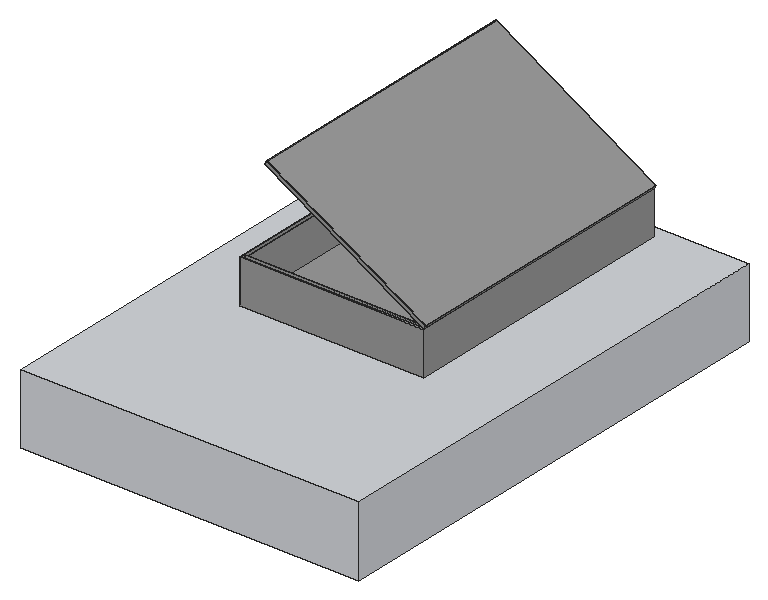
Revit family "Hager-Univers-IP54-D205-H1250-Cl.II-Encl-CH-de", category Equipement électrique, Revit 2020
Family settings
  Hôte = Face
  Configuration du panneau = Deux colonnes, circuits au sein
  Cote de connecteur circulaire = Utiliser le diamètre
  Type d'élément = Tableau de raccordement
  Couper avec des vides une fois chargée = Non
  Partagée = Non
  Point de calcul de pièce = Non
Parameters (values of type "Aufputz IP54 B800 H1250 T205  - FP83QSW")
  Width Control [instance] = if([EF000008 - Breite] > Min Width, [EF000008 - Breite], Min Width)  # 800 mm
  Commentaires du type = [HG000003 - Bereich]  # "Univers"
  Thickness Door [instance] = if([EF009171 - Materialstärke Tür/Deckel] > 3 mm, 3 mm, [EF009171 - Materialstärke Tür/Deckel])  # 1 mm
  Seal Frame Offset [instance] = 17 mm  # constant formula
  Plinth Visibility [instance] = [HG000027 - Sockelhöhe] > 0 mm  # no
  Model = ""
  Min Width [instance] = 100 mm  # constant formula
  Min Height [instance] = 100 mm  # constant formula
  Min Depth [instance] = (2 * [EF009170 - Materialstärke Gehäuse]) + 1 mm  # 3 mm
  Internal Frame Depth [instance] = (Door System Depth * 0.5)  # 9 mm
  Height Control [instance] = if([EF000040 - Höhe] > Min Height, [EF000040 - Höhe], Min Height)  # 1250 mm
  HG000027 - Sockelhöhe = 0 mm
  HG000026 - Stehend auf dem Boden = no
  HG000024 - Höhe des unteren Teils = 800 mm
  HG000023 - Gehäuse mit doppeltem Querschnitt = no
  HG000016 - 3D-Türsichtbarkeit [instance] = yes
  HG000015 - Sichtbarkeit der Türöffnung [instance] = no
  HG000014 - Tür rechts [instance] = yes
  HG000013 - Tür links [instance] = not([HG000014 - Tür rechts])  # no
  HG000012 - Türschwenkwinkel [instance] = 30.00°
  HG000010 - Asymmetrische Türen = no
  HG000009 - Doppelflügeligen Tür = no
  HG000006 - Unterputz = no
  HG000004 - Herstellerreferenz = "FP83QSW"
  HG000003 - Bereich = "Univers"
  HG000002 - Mit tür = yes
  Frame Offset Bottom [instance] = 10 mm  # constant formula
  Frame Offset [instance] = 15 mm  # constant formula
  EF015940 - Deckel mit Überdruckentlastung = no
  EF011959 - Schutzart (NEMA) = ""
  EF009554 - Anzahl der Öffnungen für Flanschplatten = 6
  Fabricant = "Hager"  # constant formula
  EF009212 - Ausführung Deckel = "EV000116 - geschlossen"
  EF009171 - Materialstärke Tür/Deckel = 1 mm
  EF009170 - Materialstärke Gehäuse = 1 mm
  EF008873 - Nennstrom (In) = 250 A
  EF007800 - Geeignet für Blitzschutz = no
  EF006306 - Mit Schloss = no
  EF006244 - Transparenter Deckel/Tür = no
  EF005474 - Schutzart (IP) = "EV006419 - IP54"
  EF004464 - Art der Tür = "EV002646 - Einzel"
  EF004427 - Anzahl der Module = 288
  EF004293 - Schlagfestigkeit = "EV006815 - IK09"
  EF003532 - Geeignet für Außengebrauch = no
  EF002950 - Breite in Teilungseinheiten = 36
  EF001613 - Funktionserhalt = "EV000494 - ohne"
  EF001596 - Werkstoff des Gehäuses = "EV000179 - Stahl"
  EF001131 - Innentiefe = 143 mm
  EF001088 - Anbaumöglichkeit = yes
  EF000437 - Anzahl der Leitungseinführungen = 6
  EF000339 - Art der Abdeckung = "EV001012 - Deckel"
  EF000266 - Anzahl der Reihen = 8
  EF000218 - Einbautiefe = 0 mm
  EF000118 - Mit Montageplatte = no
  EF000116 - RAL-Nummer = "9010"
  EF000049 - Tiefe = 205 mm
  EF000040 - Höhe = 1250 mm
  EF000008 - Breite = 800 mm
  EF000007 - Farbe = "EV000202 - weiß"
  EF000003 - Montageart = "EV000384 - Aufputz"
  Door System Leaf Tolerance [instance] = 1.5 mm  # constant formula
  Door System Depth [instance] = 18 mm  # constant formula
  Door Height [instance] = Height Control - [HG000027 - Sockelhöhe]  # 1250 mm
  Depth Control [instance] = if([EF000049 - Tiefe] > Min Depth, [EF000049 - Tiefe], Min Depth)  # 205 mm
  Default Elevation = 0 mm
  Connector Offset [instance] = Height Control / 2  # 625 mm
  Bottom Top Plate Trim [instance] = 1.5 mm  # constant formula
  Plinth height Ctrl [instance] = if([HG000027 - Sockelhöhe] > 0 mm, [HG000027 - Sockelhöhe], 12 mm)  # 12 mm
Types (5, lengths in mm): name | Width Control | HG000009 - Doppelflügeligen Tür | HG000004 - Herstellerreferenz | EF009554 - Anzahl der Öffnungen für Flanschplatten | EF004464 - Art der Tür | EF004427 - Anzahl der Module | EF002950 - Breite in Teilungseinheiten | EF001131 - Innentiefe | EF000437 - Anzahl der Leitungseinführungen | EF000339 - Art der Abdeckung | EF000008 - Breite
  Aufputz IP54 B1050 H1250 T205  - FP84QSW | 1050 | yes | "FP84QSW" | 8 | "EV003602 - Doppel" | 384 | 48 | 143 | 8 | "EV001012 - Deckel" | 1050
  Aufputz IP54 B1300 H1250 T205  - FP85QSW | 1300 | no | "FP85QSW" | 10 | "EV003602 - Doppel" | 480 | 60 | 130 | 10 | "EV004216 - Tür" | 1300
  Aufputz IP54 B300 H1250 T205  - FP81QSW | 300 | no | "FP81QSW" | 2 | "EV002646 - Einzel" | 96 | 12 | 130 | 2 | "EV004216 - Tür" | 300
  Aufputz IP54 B550 H1250 T205  - FP82QSW | 550 | no | "FP82QSW" | 4 | "EV002646 - Einzel" | 192 | 24 | 130 | 4 | "EV004216 - Tür" | 550
  Aufputz IP54 B800 H1250 T205  - FP83QSW | 800 | no | "FP83QSW" | 6 | "EV002646 - Einzel" | 288 | 36 | 143 | 6 | "EV001012 - Deckel" | 800
Reference planes
  plane 1 "Center (Front/Back)": y = 0
  plane 2: z = 0
  plane 3 "Center (Left/Right)": x = 0
  plane 4: z = 205
  plane 5: y = 1
  plane 6: y = 625
  plane 7: y = 0
  plane 8: y = 1250
  plane 9: z = 0
  plane 10: x = -385
  plane 11: x = 385
  plane 12: x = 384
  plane 13: x = -384
  plane 14: y = 1249
  plane 15: x = -383
  plane 16: x = -400
  plane 17: x = 383
  plane 18: x = 400
  plane 19: x = 399
  plane 20: x = -399
  plane 21: y = 11
  plane 22: y = 1250
  plane 23: y = 1234
  plane 24: z = 187
  plane 25: z = 1
  plane 26: z = 186
  plane 27: z = 204
Forms (mm)
  Extrusion 1, solid
    sketch origin (0, 0, 0) x (1, 0, 0) y (0, 1, 0)
      loop
        line (-702.964, 1305) -> (-702.964, -811.445) -> (766.763, -811.445) -> (766.763, 1305) -> (-702.964, 1305)
    from 0 to -304.8
  Extrusion 2, solid, material "Hager_Steel_RAL7035_Light_Grey", visible <- "Plinth Visibility", detail levels medium+fine
    sketch origin (0, 0, 0) x (1, 0, 0) y (0, 1, 0)
      loop
        line (-400, 0) -> (400, 0) -> (400, 12) -> (-400, 12) -> (-400, 0)
    from 0 to 187
  Extrusion 3, solid, material "Hager_Steel_RAL7035_Light_Grey", detail levels medium+fine
    sketch origin (0, 0, 0) x (1, 0, 0) y (0, 1, 0)
      loop
        line (-400, 0) -> (400, 0) -> (400, 1250) -> (-400, 1250) -> (-400, 0)
    from 0 to 187
  Extrusion 4, void
    sketch origin (0, 0, 0) x (1, 0, 0) y (0, 1, 0)
      loop
        line (-399, 1) -> (399, 1) -> (399, 1249) -> (-399, 1249) -> (-399, 1)
    from 1 to 186
  Extrusion 5, void
    sketch origin (-381.607, -4572, 187) x (0, -1, 0) y (-1, 0, 0)
      loop
        line (-4583, 2.393) -> (-5806, 2.393) -> (-5806, -765.607) -> (-4583, -765.607) -> (-4583, 2.393)
    from 0 to 1 <- "EF009170 - Materialstärke Gehäuse"
  Extrusion 6, solid, material "Hager_Steel_RAL7035_Light_Grey", detail levels fine
    sketch origin (0, 0, 187) x (1, 0, 0) y (0, 1, 0)
      loop
        line (-384, 1234) -> (-384, 11) -> (384, 11) -> (384, 1234) -> (-384, 1234)
      loop
        line (-385, 10) -> (385, 10) -> (385, 1235) -> (-385, 1235) -> (-385, 10)
    from 0 to 9 <- "Internal Frame Depth"
  Extrusion 7, solid, material "Hager_Steel_RAL7035_Light_Grey", detail levels coarse
    sketch origin (0, 0, 0) x (1, 0, 0) y (0, 1, 0)
      loop
        line (-400, 0) -> (400, 0) -> (400, 1250) -> (-400, 1250) -> (-400, 0)
    from 0 to 205
  Sweep 8, void
    path in 3D
      loop
        line (-400, 12, 0) -> (400, 12, 0) -> (400, 12, 187) -> (-400, 12, 187) -> (-400, 12, 0)
    profile origin (-400, 12, 93.5) x (-1, 0, 0) y (0, -1, 0)
      loop
        line (0, 0) -> (0, 1.5) -> (-1.5, 1.5)
        arc (-1.5, 1.5) -> (-1.061, 0.439) -> (0, 0) r 1.5
Cuts and joins
  Extrusion 4, Extrusion 5 cuts Extrusion 3
  Sweep 8 cuts Extrusion 2
Lines and regions (mm)
  Masking region 1
    outline origin (0, 0, 0) x (1, 0, 0) y (0, 0, 1)
      loop
        line (-400, 205) -> (-400, 0) -> (400, 0) -> (400, 205) -> (-400, 205)
  Masking region 2, detail levels medium+fine
    outline origin (0, 140, 0) x (0, 1, 0) y (0, 0, 1)
      loop
        line (-140, 0) -> (1110, 0) -> (1110, 187) -> (-140, 187) -> (-140, 0)
  Masking region 3, not visible, detail levels medium+fine
    outline origin (0, 297.922, 0) x (0, 1, 0) y (0, 0, 1)
      loop
        line (338.578, 0) -> (378.578, 0) -> (378.578, 194)
        arc (378.578, 194) -> (375.649, 201.071) -> (368.578, 204) r 10
        line (368.578, 204) -> (338.578, 204) -> (338.578, 0)
  Masking region 4, detail levels coarse
    outline origin (0, 0, 180) x (0, 1, 0) y (0, 0, 1)
      loop
        line (0, -180) -> (1250, -180) -> (1250, 25) -> (0, 25) -> (0, -180)
  Masking region 5, visible <- "Plinth Visibility", detail levels medium+fine
    outline origin (0, 52.24, 12.345) x (0, 0, -1) y (0, 1, 0)
      loop
        line (10.845, -40.24) -> (-173.155, -40.24)
        arc (-173.155, -40.24) -> (-173.594, -41.301) -> (-174.655, -41.74) r 1.5
        line (-174.655, -41.74) -> (-174.655, -52.24) -> (12.345, -52.24) -> (12.345, -41.74)
        arc (12.345, -41.74) -> (11.285, -41.301) -> (10.845, -40.24) r 1.5
  Masking region 6, detail levels medium+fine
    outline origin (-381.607, -4572, 187) x (-1, 0, 0) y (0, -1, 0)
      loop
        line (18.393, -5822) -> (18.393, -4572) -> (-781.607, -4572) -> (-781.607, -5822) -> (18.393, -5822)
  Masking region 7, visible <- "Plinth Visibility", detail levels medium+fine
    outline origin (-381.607, -4727, 187) x (-1, 0, 0) y (0, -1, 0)
      loop
        arc (16.893, -4739) -> (17.332, -4737.939) -> (18.393, -4737.5) r 1.5
        line (18.393, -4737.5) -> (18.393, -4727) -> (-781.607, -4727) -> (-781.607, -4737.5)
        arc (-781.607, -4737.5) -> (-780.546, -4737.939) -> (-780.107, -4739) r 1.5
        line (-780.107, -4739) -> (16.893, -4739)
  Masking region 8, detail levels coarse
    outline origin (-442.548, -4669.526, 187) x (-1, 0, 0) y (0, -1, 0)
      loop
        line (-42.548, -5919.526) -> (-42.548, -4669.526) -> (-842.548, -4669.526) -> (-842.548, -5919.526) -> (-42.548, -5919.526)
  sketch lines
    curve 1: line (-400, 12, 187) -> (-400, 12, 0)
    curve 2: line (400, 12, 187) -> (-400, 12, 187)
    curve 3: line (400, 12, 187) -> (400, 12, 0)
    curve 4: line (-400, 12, 0) -> (400, 12, 0)
Dimensions and locks
  "Depth Control": plane 4 to Extrusion 1
  "HG000027 - Sockelhöhe": plane 1 "Center (Front/Back)" to plane 7
  "EF009170 - Materialstärke Gehäuse": plane 5 to plane 7
  locked: connector elem to plane 3 "Center (Left/Right)"
  equal spacing: plane 8, plane 6, plane 7
  locked: connector elem to plane 6
  "EF009170 - Materialstärke Gehäuse": plane 8 to plane 14
  "EF009170 - Materialstärke Gehäuse": plane 10 to plane 13
  "EF009170 - Materialstärke Gehäuse": plane 12 to plane 11
  "Frame Offset": plane 20 to plane 13
  "Frame Offset": plane 12 to plane 19
  "EF009170 - Materialstärke Gehäuse": plane 16 to plane 20
  "EF009170 - Materialstärke Gehäuse": plane 19 to plane 18
  "Seal Frame Offset": plane 16 to plane 15
  "Seal Frame Offset": plane 17 to plane 18
  "Frame Offset Bottom": plane 21 to plane 5
  "Frame Offset": plane 14 to plane 23
  equal spacing: plane 16, plane 3 "Center (Left/Right)", plane 18
  "Width Control": plane 16 to plane 18
  "EF009170 - Materialstärke Gehäuse": plane 4 to plane 27
  "EF009170 - Materialstärke Gehäuse": plane 24 to plane 26
  "EF009170 - Materialstärke Gehäuse": plane 25 to level
  "Door System Depth": plane 4 to plane 24
  "Height Control": plane 1 "Center (Front/Back)" to Extrusion 7 sketch curve
  "Height Control": Masking region 4 sketch curve to plane 1 "Center (Front/Back)"
  "Height Control": plane 1 "Center (Front/Back)" to plane 22
  "Bottom Top Plate Trim": profile plane to Sweep 8 sketch curve
  "Bottom Top Plate Trim": Sweep 8 sketch curve to profile plane
  "Plinth height Ctrl": plane 1 "Center (Front/Back)" to Extrusion 2 sketch curve
  "Plinth height Ctrl": Masking region 5 sketch curve to plane 1 "Center (Front/Back)"
  "Plinth height Ctrl": plane 1 "Center (Front/Back)" to Masking region 7 sketch curve
  "Thickness Door": Extrusion 6 sketch curve to Extrusion 6 sketch curve  (x3)
  "Thickness Door": cut or joined group of Extrusion 3, Extrusion 4, Extrusion 5 to Extrusion 6 sketch curve
  radius of Masking region 3 sketch curve = 10 mm
  "Bottom Top Plate Trim": radius of Masking region 5 sketch curve  (x2)
  "Bottom Top Plate Trim": radius of Sweep 8 sketch curve
  "Bottom Top Plate Trim": radius of Masking region 7 sketch curve  (x2)
  aligned and locked: plane 2 to Extrusion 1
  aligned and locked: level to Extrusion 1
  aligned and locked: level to Masking region 1 sketch curve
  aligned and locked: Masking region 1 sketch curve to plane 18
  aligned and locked: Masking region 1 sketch curve to plane 16
  aligned and locked: plane 7 to Masking region 2 sketch curve
  aligned and locked: level to Masking region 3 sketch curve
  aligned and locked: Masking region 3 sketch curve to plane 27
  aligned and locked: level to Masking region 2 sketch curve
  aligned and locked: plane 1 "Center (Front/Back)" to Extrusion 2 sketch curve
  aligned and locked: Extrusion 3 sketch curve to plane 7
  aligned and locked: plane 16 to Extrusion 3 sketch curve
  aligned and locked: plane 18 to Extrusion 3 sketch curve
  aligned and locked: plane 20 to Extrusion 4 sketch curve
  aligned and locked: plane 19 to Extrusion 4 sketch curve
  aligned and locked: Extrusion 4 sketch curve to plane 5
  aligned and locked: Extrusion 4 to plane 25
  aligned and locked: plane 26 to Extrusion 4
  aligned and locked: plane 24 to Extrusion 3
  aligned and locked: Extrusion 5 sketch curve to plane 21
  aligned and locked: Extrusion 5 sketch curve to plane 13
  aligned and locked: Extrusion 5 sketch curve to plane 12
  aligned and locked: plane 18 to Extrusion 7 sketch curve
  aligned and locked: plane 1 "Center (Front/Back)" to Extrusion 7 sketch curve
  aligned and locked: plane 16 to Extrusion 7 sketch curve
  aligned and locked: plane 4 to Extrusion 7
  aligned and locked: Extrusion 7 to level
  aligned and locked: level to Masking region 4 sketch curve
  aligned and locked: Masking region 4 sketch curve to plane 1 "Center (Front/Back)"
  aligned and locked: Masking region 4 sketch curve to plane 4
  aligned and locked: nested 1 to level
  aligned and locked: nested 1 to plane 16
  aligned and locked: plane 8 to Extrusion 3 sketch curve
  aligned and locked: plane 23 to Extrusion 5 sketch curve
  aligned and locked: plane 14 to Extrusion 4 sketch curve
  aligned and locked: Masking region 2 sketch curve to plane 8
  aligned and locked: level to Masking region 5 sketch curve
  aligned and locked: plane 16 to Extrusion 2 sketch curve
  aligned and locked: plane 18 to Extrusion 2 sketch curve
  aligned and locked: Masking region 5 sketch curve to plane 24
  aligned and locked: Masking region 2 sketch curve to plane 24
  aligned and locked: plane 24 to Extrusion 2
  aligned and locked: profile plane to Sweep 8 sketch curve  (x2)
  aligned and locked: Masking region 6 sketch curve to plane 18
  aligned and locked: Masking region 6 sketch curve to plane 22
  aligned and locked: Masking region 6 sketch curve to plane 16
  aligned and locked: plane 8 to plane 22
  aligned and locked: Masking region 6 sketch curve to plane 7
  aligned and locked: Masking region 7 sketch curve to plane 16
  aligned and locked: Masking region 7 sketch curve to plane 1 "Center (Front/Back)"
  aligned and locked: Masking region 7 sketch curve to plane 18
  aligned and locked: Masking region 8 sketch curve to plane 1 "Center (Front/Back)"
  aligned and locked: Masking region 8 sketch curve to plane 18
  aligned and locked: Masking region 8 sketch curve to plane 22
  aligned and locked: Masking region 8 sketch curve to plane 16
  aligned and locked: nested 2 to plane 7
  aligned and locked: plane 3 "Center (Left/Right)" to nested 2
  aligned and locked: nested 2 to plane 24
  aligned and locked: Extrusion 6 sketch curve to cut or joined group of Extrusion 3, Extrusion 4, Extrusion 5  (x4)
Automatic sketch dimensions
  Extrusion 1 sketch curve to Extrusion 1 sketch curve = 1469.727 mm
  Extrusion 1 sketch curve to Extrusion 1 sketch curve = 2116.445 mm
  Masking region 1 sketch curve to plane 4 = 0 mm
  plane 6 to Masking region 3 sketch curve = 11.5 mm
  Masking region 3 sketch curve to Masking region 3 sketch curve = 30 mm
  Masking region 5 sketch curve to plane 1 "Center (Front/Back)" = 0 mm
Nested families
  nested 1: "Hager_Enclosure_Symbol" at (-400, 0, 0) x (1, 0, 0) z (0, -1, 0), Height <- "Depth Control", Width <- "Width Control", type "Hager_Enclosure_Symbol"
    with Width_Ctrl 800 mm, Width 800 mm, Height_Ctrl 205 mm, Height 205 mm, A_Width_Int 13.453 mm, A_Width 161.438 mm, A_Height_Ctrl 179.375 mm, A_Height 179.375 mm
  nested 2: "EC000058_Univers_Door" at (0, 0, 187) x (1, 0, 0) z (0, 1, 0), Leaf_Tolerance <- "Door System Leaf Tolerance", Angle <- "HG000012 - Türschwenkwinkel", Door_Depth <- "Door System Depth", Door_Left <- "HG000013 - Tür links", Transparent <- "EF006244 - Transparenter Deckel/Tür", Assymetrical <- "HG000010 - Asymmetrische Türen", Width <- "Width Control", Clearance <- "HG000015 - Sichtbarkeit der Türöffnung", Double <- "HG000009 - Doppelflügeligen Tür", 3d_Door <- "HG000016 - 3D-Türsichtbarkeit", Lock_Visibility <- "EF006306 - Mit Schloss", Width_Ctrl <- "Width Control", Door_Right <- "HG000014 - Tür rechts", Door <- "HG000002 - Mit tür", Height <- "Door Height", Thickness <- "Thickness Door", type "EC000058_Univers_Door", detail levels medium+fine
    with min_wh 3 mm, Width_Ctrl 800 mm, Width 800 mm, Transparent no, Thickness 1 mm, Seal_Material Hager_Rubber, Lock_Visibility no, Lock_Material Hager_Plastic_RAL9005_Jet_Black, Leaf_Width 800 mm, Leaf_Tolerance_External_Sides 0 mm, Leaf_Tolerance 1.5 mm, Leaf_Offset 0 mm, Leaf_Height 1247 mm, Leaf_2_Width 800 mm, Leaf_2_Offset 400 mm, Leaf_1_Width 800 mm, Leaf_1_Offset 400 mm, Height_Ctrl 1250 mm, Height 1250 mm, Glass_Material Hager_Glass, Double_Clearance_Ctrl no, Double no, Door_Right_Ctrl yes, Door_Right yes, Door_Material Hager_Steel_RAL7035_Light_Grey, Door_Left_Ctrl no, Door_Left no, Door_Depth 18 mm, Door yes, Clearance_Material Hager_Clearance, Clearance_Depth 800 mm, Clearance_Ctrl no, Clearance no, Assymetrical no, Angle 30.00°, 3d_Door yes
Connectors
  electrical at (0, 625, 0)
    settings: on plane 9, index 1, voltage 0 V, apparent load 0 VA, apparent load phase1 0 VA, apparent load phase2 0 VA, apparent load phase3 0 VA, power factor 1, load classification "Other", number of poles 1, system type 30, power factor state 1, is connector primary yes, connector utility no, sub classification motor no, connector description ""
Definition of nested family "EC000058_Univers_Door"
  Parameters (values of type "EC000058_Univers_Door")
    min_wh [instance] = (2 * Thickness) + 1 mm  # 11 mm
    Width_Ctrl [instance] = 400 mm
    Width [instance] = 500 mm
    Transparent [instance] = yes
    Thickness [instance] = 5 mm
    Seal_Material [instance] = none
    Lock_Visibility [instance] = yes
    Lock_Material [instance] = none
    Leaf_Width [instance] = if((Width_Ctrl - 2 * Leaf_Tolerance_External_Sides) > 0 mm, (Width_Ctrl - 2 * Leaf_Tolerance_External_Sides), min_wh)  # 400 mm
    Leaf_Tolerance_External_Sides [instance] = 0 mm  # constant formula
    Leaf_Tolerance [instance] = 1.5 mm
    Leaf_Offset [instance] = 0 mm  # constant formula
    Leaf_Height [instance] = if((Height_Ctrl - 2 * Leaf_Tolerance) > 0 mm, (Height_Ctrl - 2 * Leaf_Tolerance), min_wh)  # 497 mm
    Leaf_2_Width [instance] = if(and(and(Double, Assymetrical), Door_Left), (Leaf_Width / 3) - (Leaf_Tolerance / 2), if(and(and(Double, Assymetrical), Door_Right), (Leaf_Width / 3) * 2 - (Leaf_Tolerance / 2), if(and(Double, not(Assymetrical)), (Leaf_Width / 2) - Leaf_Tolerance, Leaf_Width)))  # 400 mm
    Leaf_2_Offset [instance] = if(and(Double, Assymetrical), Leaf_2_Width / 2, if(and(Double, not(Assymetrical)), Leaf_Width / 4, Leaf_Width / 2))  # 200 mm
    Leaf_1_Width [instance] = if(and(and(Double, Assymetrical), Door_Right), (Leaf_Width / 3) - (Leaf_Tolerance / 2), if(and(and(Double, Assymetrical), Door_Left), (Width / 3) * 2 - (Leaf_Tolerance / 2), if(and(Double, not(Assymetrical)), (Leaf_Width / 2) - Leaf_Tolerance, Leaf_Width)))  # 400 mm
    Leaf_1_Offset [instance] = if(and(Double, Assymetrical), Leaf_1_Width / 2, if(and(Double, not(Assymetrical)), Leaf_Width / 4, Leaf_Width / 2))  # 200 mm
    Height_Ctrl [instance] = if(Height > min_wh, Height, min_wh)  # 500 mm
    Height [instance] = 500 mm
    Glass_Material [instance] = none
    Double_Clearance_Ctrl [instance] = and(Double, Clearance)  # no
    Double [instance] = no
    Door_Right_Ctrl [instance] = and(or(Door_Right, Double), Door)  # yes
    Door_Right [instance] = yes
    Door_Material [instance] = none
    Door_Left_Ctrl [instance] = and(or(Door_Left, Double), Door)  # no
    Door_Left [instance] = no
    Door_Depth [instance] = 30 mm
    Door [instance] = yes
    Default Elevation = 1219.2 mm
    Clearance_Material [instance] = none
    Clearance_Depth [instance] = if(Leaf_1_Width > Leaf_2_Width, Leaf_1_Width, Leaf_2_Width)  # 400 mm
    Clearance_Ctrl [instance] = and(not(Double), Clearance)  # yes
    Clearance [instance] = yes
    Assymetrical [instance] = yes
    Angle [instance] = 30.00°
    3d_Door [instance] = yes
  Reference planes
    plane 1 "Center (Front/Back)": y = 0
    plane 2 "Bottom": z = 0
    plane 3 "Center (Left/Right)": x = 0
    plane 4: z = 500
    plane 5: x = -200
    plane 6: x = 200
    plane 7: z = 500
    plane 8: x = -200
    plane 9: z = 0
    plane 10: x = 200
    plane 11: y = 0
    plane 12: z = 1.5
    plane 13: x = -600
    plane 14: y = -400
    plane 15: x = 600
    plane 16: x = 0
    plane 17: x = 0
    plane 18: x = -200
    plane 19: x = 200
    plane 20: z = 498.5
  Forms (mm)
    Extrusion 1, solid, material <- "Clearance_Material", visible <- "Double_Clearance_Ctrl"
      sketch origin (1200, 0, 0) x (1, 0, 0) y (0, 0, -1)
        loop
          line (-1800, -498.5) -> (-600, -498.5) -> (-600, 0) -> (-1800, 0) -> (-1800, -498.5)
      from 0 to -400
  Dimensions and locks
    equal spacing: plane 5, plane 3 "Center (Left/Right)", plane 6
    "Width_Ctrl": plane 5 to plane 6
    "Leaf_Offset": plane 5 to plane 8
    "Leaf_Offset": plane 6 to plane 10
    "Leaf_Offset": plane 9 to level
    "Leaf_Offset": plane 4 to plane 7
    "Height_Ctrl": plane 4 to level
    "Leaf_Tolerance": plane 12 to plane 9
    locked: plane 11 to plane 1 "Center (Front/Back)"
    "Leaf_1_Offset": plane 18 to plane 16
    "Leaf_2_Offset": plane 17 to plane 19
    "Leaf_1_Width": plane 13 to plane 8
    "Leaf_2_Width": plane 10 to plane 15
    "Clearance_Depth": plane 14 to plane 1 "Center (Front/Back)"
    "Leaf_Tolerance_External_Sides": plane 8 to plane 18
    "Leaf_Tolerance_External_Sides": plane 19 to plane 10
    "Leaf_Tolerance": plane 7 to plane 20
    aligned and locked: level to plane 2 "Bottom"
    aligned and locked: nested 1 to plane 16
    aligned and locked: nested 2 to plane 17
    aligned and locked: Extrusion 1 to plane 13
    aligned and locked: plane 15 to Extrusion 1
    aligned and locked: Extrusion 1 to plane 14
    aligned and locked: plane 12 to nested 1
    aligned and locked: nested 2 to plane 12
    aligned and locked: Extrusion 1 to plane 11
    aligned and locked: plane 20 to Extrusion 1
    aligned and locked: nested 2 to plane 11
    aligned and locked: nested 1 to plane 11
  Automatic sketch dimensions
    Extrusion 1 sketch curve to level = 0 mm
    plane 5 to Extrusion 1 sketch curve = 400 mm
    plane 6 to Extrusion 1 sketch curve = 400 mm
    Extrusion 1 sketch curve to plane 4 = 1.5 mm
  Nested families
    nested 1: "EC000058_Univers_Door_Leaf" at (0, 0, 1.5), Width <- "Leaf_1_Width", visible <- "Door_Left_Ctrl", Leaf_Height <- "Leaf_Height", Angle <- "Angle", 3d_Door <- "3d_Door", Transparent <- "Transparent", Clearance Material <- "Clearance_Material", Clearance <- "Clearance_Ctrl", Door_Material <- "Door_Material", Glass_Material <- "Glass_Material", Door_Depth <- "Door_Depth", Lock_Material <- "Lock_Material", Seal_Material <- "Seal_Material", Lock_Visibility <- "Lock_Visibility", Thickness <- "Thickness", type "EC000058_Univers_Door_Leaf"
      with Width 400 mm, Transparent_Glass_Offset 30 mm, Transparent_Ctrl yes, Transparent yes, Thickness 5 mm, Standard no, Seal_Material none, Seal_D2 8 mm, Seal_D1 1 mm, Offset_Internal_Frame 10 mm, Lock_Width 20 mm, Lock_Visibility_3d yes, Lock_Visibility yes, Lock_Thickness_3 3 mm, Lock_Thickness_2 1 mm, Lock_Thickness_1 3 mm, Lock_Radius_Offset_2 16 mm, Lock_Radius_Offset_1 15 mm, Lock_Radius_2 5 mm, Lock_Radius 6 mm, Lock_Offset 5 mm, Lock_Material none, Lock_Height 80 mm, Lock_Cover_Top_Offset_2d 17 mm, Lock_Cover_Height -65 mm, Leaf_Height 497 mm, Internal_Seal_Thickness 8 mm, Internal_Seal_Depth_2 4.5 mm, Internal_Frame_Depth 25 mm, Glass_Thickness -1 mm, Glass_Offset -2 mm, Glass_Material none, Door_Material none, Door_Depth 30 mm, Clearance Material none, Clearance yes, Angle_Ctrl 30.00°, Angle 30.00°, 3d_Door yes
    nested 2: "EC000058_Univers_Door_Leaf" at (0, 0, 1.5) x (-1, 0, 0) z (0, 0, 1), Width <- "Leaf_2_Width", visible <- "Door_Right_Ctrl", Leaf_Height <- "Leaf_Height", Angle <- "Angle", 3d_Door <- "3d_Door", Transparent <- "Transparent", Clearance Material <- "Clearance_Material", Clearance <- "Clearance_Ctrl", Door_Material <- "Door_Material", Glass_Material <- "Glass_Material", Door_Depth <- "Door_Depth", Lock_Material <- "Lock_Material", Seal_Material <- "Seal_Material", Lock_Visibility <- "Lock_Visibility", Thickness <- "Thickness", type "EC000058_Univers_Door_Leaf"
      with Width 400 mm, Transparent_Glass_Offset 30 mm, Transparent_Ctrl yes, Transparent yes, Thickness 5 mm, Standard no, Seal_Material none, Seal_D2 8 mm, Seal_D1 1 mm, Offset_Internal_Frame 10 mm, Lock_Width 20 mm, Lock_Visibility_3d yes, Lock_Visibility yes, Lock_Thickness_3 3 mm, Lock_Thickness_2 1 mm, Lock_Thickness_1 3 mm, Lock_Radius_Offset_2 16 mm, Lock_Radius_Offset_1 15 mm, Lock_Radius_2 5 mm, Lock_Radius 6 mm, Lock_Offset 5 mm, Lock_Material none, Lock_Height 80 mm, Lock_Cover_Top_Offset_2d 17 mm, Lock_Cover_Height -65 mm, Leaf_Height 497 mm, Internal_Seal_Thickness 8 mm, Internal_Seal_Depth_2 4.5 mm, Internal_Frame_Depth 25 mm, Glass_Thickness -1 mm, Glass_Offset -2 mm, Glass_Material none, Door_Material none, Door_Depth 30 mm, Clearance Material none, Clearance yes, Angle_Ctrl 30.00°, Angle 30.00°, 3d_Door yes
  Definition of nested family "EC000058_Univers_Door_Leaf"
    Parameters (values of type "EC000058_Univers_Door_Leaf")
      Width [instance] = 2000 mm
      Transparent_Glass_Offset [instance] = 30 mm
      Transparent_Ctrl [instance] = and(Transparent, [3d_Door])  # yes
      Transparent [instance] = yes
      Thickness [instance] = 5 mm
      Standard [instance] = and(not(Transparent), [3d_Door])  # no
      Seal_Material [instance] = none
      Seal_D2 [instance] = 8 mm  # constant formula
      Seal_D1 [instance] = 1 mm  # constant formula
      Offset_Internal_Frame [instance] = 10 mm  # constant formula
      Lock_Width [instance] = 20 mm  # constant formula
      Lock_Visibility_3d [instance] = and(Lock_Visibility, [3d_Door])  # yes
      Lock_Visibility [instance] = yes
      Lock_Thickness_3 [instance] = 3 mm  # constant formula
      Lock_Thickness_2 [instance] = 1 mm  # constant formula
      Lock_Thickness_1 [instance] = 3 mm  # constant formula
      Lock_Radius_Offset_2 [instance] = Lock_Radius_Offset_1 + 1 mm  # 16 mm
      Lock_Radius_Offset_1 [instance] = 15 mm  # constant formula
      Lock_Radius_2 [instance] = Lock_Radius - 1 mm  # 5 mm
      Lock_Radius [instance] = 6 mm  # constant formula
      Lock_Offset [instance] = 5 mm  # constant formula
      Lock_Material [instance] = none
      Lock_Height [instance] = 80 mm  # constant formula
      Lock_Cover_Top_Offset_2d [instance] = Lock_Radius_Offset_2 + 1 mm  # 17 mm
      Lock_Cover_Height [instance] = -(Lock_Height - Lock_Radius_Offset_1)  # -65 mm
      Leaf_Height [instance] = 2720.336 mm
      Internal_Seal_Thickness [instance] = 8 mm  # constant formula
      Internal_Seal_Depth_2 [instance] = 4.5 mm  # constant formula
      Internal_Frame_Depth [instance] = if(Door_Depth - Thickness > 5 mm, Door_Depth - Thickness, 5 mm)  # 25 mm
      Glass_Thickness [instance] = if(Thickness > 15 mm, Glass_Offset + 10 mm, -1 mm)  # -1 mm
      Glass_Offset [instance] = if(Thickness > 15 mm, -(Thickness + 10 mm) / 2, -2 mm)  # -2 mm
      Glass_Material [instance] = none
      Door_Material [instance] = none
      Door_Depth [instance] = 30 mm
      Default Elevation = 0 mm
      Clearance Material [instance] = none
      Clearance [instance] = yes
      Angle_Ctrl [instance] = if(Angle > 180.00°, 180.00°, Angle)  # 90.00°
      Angle [instance] = 90.00°
      3d_Door [instance] = yes
    Reference planes
      plane 1 "Center (Front/Back)": y = 0
      plane 2: z = 0
      plane 3 "Center (Left/Right)": x = 0
      plane 4: y = 2000
      plane 5: x = -1000
      plane 6: x = 1000
      plane 7: x = -3000
      plane 8: z = 2720.336
      plane 9: z = 30
      plane 10: z = 2690.336
      plane 11: x = 970
      plane 12: x = -970
      plane 13: y = -3
      plane 14: z = 107.833
      plane 15: y = -5
      plane 16: y = -223.314
      plane 17: x = -1000
      plane 18: z = 1360.168
      plane 19: y = 30
    Forms (mm)
      Extrusion 1, solid, material <- "Clearance Material", visible <- "Clearance"
        sketch origin (0, 0, 0) x (1, 0, 0) y (0, 0, 1)
          loop
            line (-3000, 2720.336) -> (-3000, 0) -> (1000, 0) -> (1000, 2720.336) -> (-3000, 2720.336)
        from 0 to -2000
      Extrusion 2, solid, material <- "Door_Material", visible <- "Standard", detail levels medium+fine
        sketch origin (-1000, 0, 0) x (0, 1, 0) y (-1, 0, 0)
          loop
            line (0, 30) -> (0, 25) -> (2000, 25) -> (2000, 30) -> (0, 30)
        from 0 to 2720.336 <- "Leaf_Height"
      Extrusion 3, solid, material <- "Door_Material", visible <- "Transparent_Ctrl", detail levels medium+fine
        sketch origin (-1000, 0, 0) x (0, 1, 0) y (-1, 0, 0)
          loop
            line (0, 25) -> (2000, 25) -> (2000, 30) -> (0, 30) -> (0, 25)
        from 0 to 2720.336 <- "Leaf_Height"
      Extrusion 4, void
        sketch origin (-1025, 2000, 0) x (0, 1, 0) y (0, 0, -1)
          loop
            line (-30, -2690.336) -> (-30, -30) -> (-1970, -30) -> (-1970, -2690.336) -> (-30, -2690.336)
        from 0 to 5 <- "Thickness"
      Sweep 5, solid, material <- "Seal_Material", visible <- "Transparent_Ctrl", detail levels fine
        path in 3D
          loop
            line (-1025, 30, 30) -> (-1025, 30, 2690.336) -> (-1025, 1970, 2690.336) -> (-1025, 1970, 30) -> (-1025, 30, 30)
        profile origin (-1025, 1000, 30) x (1, 0, 0) y (0, 0, 1)
          loop
            line (0, 0) -> (0, -8) -> (1, -8) -> (1, 0) -> (0, 0)
      Extrusion 6, solid, material <- "Glass_Material", visible <- "Transparent_Ctrl", detail levels medium+fine
        sketch origin (-1030, 0, 0) x (0, 1, 0) y (0, 0, -1)
          loop
            line (1970, -2690.336) -> (1970, -30) -> (30, -30) -> (30, -2690.336) -> (1970, -2690.336)
        from -2 <- "Glass_Offset" to -1 <- "Glass_Thickness"
      Extrusion 7, solid, material <- "Door_Material", visible <- "3d_Door", detail levels medium+fine
        sketch origin (-1025, 2000, 0) x (0, -1, 0) y (0, 0, -1)
          loop
            line (0, -2720.336) -> (2000, -2720.336) -> (2000, 0) -> (0, 0) -> (0, -2720.336)
          loop
            line (1995, -5) -> (5, -5) -> (5, -2715.336) -> (1995, -2715.336) -> (1995, -5)
        from 0 to 25 <- "Internal_Frame_Depth"
      Sweep 8, solid, material <- "Seal_Material", visible <- "Transparent_Ctrl", detail levels fine
        path in 3D
          loop
            line (-1025, 0, 0) -> (-1025, 2000, 0) -> (-1025, 2000, 2720.336) -> (-1025, 0, 2720.336) -> (-1025, 0, 0)
        profile origin (-1025, 0, 1360.168) x (1, 0, 0) y (0, 1, 0)
          loop
            line (0, 10) -> (2.975, 10)
            arc (2.975, 10) -> (4.053, 10.447) -> (4.5, 11.525) r 1.525
            line (4.5, 11.525) -> (4.5, 16.527)
            arc (4.5, 16.527) -> (4.069, 17.569) -> (3.027, 18) r 1.473
            line (3.027, 18) -> (0, 18) -> (0, 10)
      Extrusion 9, solid, material <- "Lock_Material", visible <- "Lock_Visibility_3d", detail levels fine
        sketch origin (-1030, 0, 0) x (0, 1, 0) y (0, 0, -1)
          loop
            arc (1993.5, -1400.168) -> (1994.561, -1399.729) -> (1995, -1398.668) r 1.5
            line (1995, -1398.668) -> (1995, -1320.168) -> (1975, -1320.168) -> (1975, -1398.668)
            arc (1975, -1398.668) -> (1975.439, -1399.729) -> (1976.5, -1400.168) r 1.5
            line (1976.5, -1400.168) -> (1993.5, -1400.168)
        from 3 <- "Lock_Thickness_1" to 0
      Blend 10, solid, material <- "Lock_Material", visible <- "Lock_Visibility_3d", detail levels fine
        base sketch origin (-1033, 0, 0) x (0, 1, 0) y (0, 0, -1)
          loop
            line (1975, -1320.168) -> (1975, -1398.668)
            arc (1975, -1398.668) -> (1975.439, -1399.729) -> (1976.5, -1400.168) r 1.5
            line (1976.5, -1400.168) -> (1993.5, -1400.168)
            arc (1993.5, -1400.168) -> (1994.561, -1399.729) -> (1995, -1398.668) r 1.5
            line (1995, -1398.668) -> (1995, -1320.168) -> (1975, -1320.168)
        top sketch origin (-1033, 0, 0) x (0, 1, 0) y (0, 0, -1)
          loop
            line (1976, -1320.168) -> (1976, -1398.668)
            arc (1976, -1398.668) -> (1976.146, -1399.022) -> (1976.5, -1399.168) r 0.5
            line (1976.5, -1399.168) -> (1993.5, -1399.168)
            arc (1993.5, -1399.168) -> (1993.854, -1399.022) -> (1994, -1398.668) r 0.5
            line (1994, -1398.668) -> (1994, -1320.168) -> (1976, -1320.168)
        from 0 to 1 <- "Lock_Thickness_2"
      Blend 11, solid, material <- "Lock_Material", visible <- "Lock_Visibility_3d", detail levels fine
        base sketch origin (-1034, 0, 0) x (0, 1, 0) y (0, 0, -1)
          loop
            line (1978, -1320.168) -> (1978, -1384.168)
            arc (1978, -1384.168) -> (1985, -1391.168) -> (1992, -1384.168) r 7
            line (1992, -1384.168) -> (1992, -1320.168) -> (1978, -1320.168)
        top sketch origin (-1034, 0, 0) x (0, 1, 0) y (0, 0, -1)
          loop
            line (1991, -1320.168) -> (1979, -1320.168) -> (1979, -1383.168)
            arc (1979, -1383.168) -> (1985, -1389.168) -> (1991, -1383.168) r 6
            line (1991, -1383.168) -> (1991, -1320.168)
        from 0 to 3 <- "Lock_Thickness_3"
      Extrusion 12, solid, material <- "Lock_Material", visible <- "Lock_Visibility_3d", detail levels fine
        sketch origin (-1030, 1975, 1320.168) x (1, 0, 0) y (0, -1, 0)
          loop
            line (-7, -19) -> (-7, -1) -> (0, -1) -> (0, 0) -> (-8, 0) -> (-8, -20) -> (0, -20) -> (0, -19) -> (-7, -19)
        from 0 to -65 <- "Lock_Cover_Height"
      Extrusion 13, void
        sketch origin (-1038, 1995, 1320.168) x (-1, 0, 0) y (0, 0, -1)
          loop
            line (-5, -65) -> (0, -65) -> (-5, -60) -> (-5, -65)
        from 0 to 20 <- "Lock_Width"
      Extrusion 14, void
        sketch origin (-1038, 1975, 1320.168) x (0, -1, 0) y (0, 0, -1)
          loop
            circle (-10, -15.995) r 6
          loop
            circle (-10, -15.995) r 5
        from 0 to 2
      Extrusion 15, solid, material <- "Lock_Material", visible <- "Lock_Visibility_3d", detail levels medium
        sketch origin (-1030, 0, 0) x (0, 1, 0) y (0, 0, -1)
          loop
            arc (1993.5, -1400.168) -> (1994.561, -1399.729) -> (1995, -1398.668) r 1.5
            line (1995, -1398.668) -> (1995, -1320.168) -> (1975, -1320.168) -> (1975, -1398.668)
            arc (1975, -1398.668) -> (1975.439, -1399.729) -> (1976.5, -1400.168) r 1.5
            line (1976.5, -1400.168) -> (1993.5, -1400.168)
        from 8 to 0
    Cuts and joins
      Extrusion 4 cuts Extrusion 3
      Extrusion 13, Extrusion 14 cuts Extrusion 9
      Extrusion 14 cuts Blend 11
      Extrusion 13, Extrusion 14 cuts Extrusion 12
      joined: Extrusion 9, Blend 10, Blend 11, Extrusion 12
      Extrusion 14 cuts Extrusion 15
    Lines and regions (mm)
      Masking region 1, visible <- "Lock_Visibility", detail levels fine
        outline origin (0, 0, 0) x (0, 1, 0) y (0, 0, 1)
          loop
            line (30, 1320.168) -> (33, 1320.168) -> (33, 1400.168) -> (30, 1400.168) -> (30, 1320.168)
      Masking region 2, visible <- "Lock_Visibility", detail levels fine
        outline origin (0, 3.143, 0) x (0, 1, 0) y (0, 0, 1)
          loop
            line (29.857, 1354.168) -> (30.857, 1354.168) -> (30.857, 1366.168) -> (29.857, 1366.168) -> (29.857, 1354.168)
      Masking region 3, detail levels medium+fine
        outline origin (0, 0, 0) x (0, 1, 0) y (0, 0, 1)
          loop
            line (0, 0) -> (30, 0) -> (30, 2720.336) -> (0, 2720.336) -> (0, 0)
      Masking region 4, detail levels medium+fine
        outline origin (0, 0, 0) x (1, 0, 0) y (0, 0, 1)
          loop
            line (-1000, 2720.336) -> (-1000, 0) -> (1000, 0) -> (1000, 2720.336) -> (-1000, 2720.336)
      Masking region 5, visible <- "Lock_Visibility", detail levels fine
        outline origin (-47.116, 0, 0) x (1, 0, 0) y (0, 0, 1)
          loop
            arc (1024.616, 1399.168) -> (1023.556, 1398.729) -> (1023.116, 1397.668) r 1.5
            line (1023.116, 1397.668) -> (1023.116, 1320.168) -> (1041.116, 1320.168) -> (1041.116, 1397.668)
            arc (1041.116, 1397.668) -> (1040.677, 1398.729) -> (1039.616, 1399.168) r 1.5
            line (1039.616, 1399.168) -> (1024.616, 1399.168)
      Masking region 6, visible <- "Lock_Visibility", detail levels medium+fine
        outline origin (-25, 0, 0) x (1, 0, 0) y (0, 0, 1)
          loop
            arc (1001.5, 1400.168) -> (1000.439, 1399.729) -> (1000, 1398.668) r 1.5
            line (1000, 1398.668) -> (1000, 1320.168) -> (1020, 1320.168) -> (1020, 1398.668)
            arc (1020, 1398.668) -> (1019.561, 1399.729) -> (1018.5, 1400.168) r 1.5
            line (1018.5, 1400.168) -> (1001.5, 1400.168)
      Masking region 7, visible <- "Lock_Visibility", detail levels fine
        outline origin (-73.735, 0, 0) x (1, 0, 0) y (0, 0, 1)
          loop
            line (1051.735, 1382.168) -> (1065.735, 1382.168) -> (1065.735, 1384.168)
            arc (1065.735, 1384.168) -> (1058.735, 1391.168) -> (1051.735, 1384.168) r 7
            line (1051.735, 1384.168) -> (1051.735, 1382.168)
      Masking region 8, visible <- "Lock_Visibility", detail levels fine
        outline origin (-73.735, 0, 0) x (1, 0, 0) y (0, 0, 1)
          loop
            line (1052.735, 1382.168) -> (1064.735, 1382.168) -> (1064.735, 1383.168)
            arc (1064.735, 1383.168) -> (1058.735, 1389.168) -> (1052.735, 1383.168) r 6
            line (1052.735, 1383.168) -> (1052.735, 1382.168)
      Masking region 9, visible <- "Lock_Visibility", detail levels fine
        outline origin (-25, 0, 0) x (1, 0, 0) y (0, 0, 1)
          loop
            line (1020, 1320.168) -> (1020, 1382.168) -> (1000, 1382.168) -> (1000, 1320.168) -> (1020, 1320.168)
      Masking region 10, detail levels medium+fine
        outline origin (0, 0, 0) x (1, 0, 0) y (0, 0, 1)
          loop
            circle (985, 1335.144) r 6
      Masking region 11, detail levels fine
        outline origin (0, 0, 0) x (1, 0, 0) y (0, 0, 1)
          loop
            circle (985, 1335.144) r 5
      Masking region 12, visible <- "Lock_Visibility", detail levels fine
        outline origin (0, 12.767, 0) x (0, 1, 0) y (0, 0, 1)
          loop
            line (20.233, 1320.168) -> (21.233, 1320.168) -> (21.233, 1399.168) -> (20.233, 1400.168) -> (20.233, 1320.168)
      Masking region 13, visible <- "Lock_Visibility", detail levels fine
        outline origin (0, 13.767, -10) x (0, 1, 0) y (0, 0, 1)
          loop
            line (20.233, 1330.168) -> (23.233, 1330.168) -> (23.233, 1399.168) -> (20.233, 1402.168) -> (20.233, 1330.168)
      Masking region 14, visible <- "Lock_Visibility", detail levels fine
        outline origin (0, 12.767, -10) x (0, 1, 0) y (0, 0, 1)
          loop
            line (20.233, 1330.168) -> (25.233, 1330.168) -> (25.233, 1399.305) -> (20.233, 1394.305) -> (20.233, 1330.168)
      Masking region 15, visible <- "Lock_Visibility", detail levels medium
        outline origin (0, 0, 0) x (0, 1, 0) y (0, 0, 1)
          loop
            line (30, 1320.168) -> (38, 1320.168) -> (38, 1400.168) -> (30, 1400.168) -> (30, 1320.168)
      Masking region 16, visible <- "Lock_Visibility", detail levels fine
        outline origin (-1000, 0, 0) x (0, 1, 0) y (-1, 0, 0)
          loop
            line (1975, 30) -> (1995, 30) -> (1995, 38) -> (1975, 38) -> (1975, 30)
          loop
            line (1979, 37) -> (1976, 37) -> (1976, 34) -> (1978, 34) -> (1979, 37)
          loop
            line (1994, 37) -> (1991, 37) -> (1992, 34) -> (1994, 34) -> (1994, 37)
      Masking region 17, visible <- "Lock_Visibility", detail levels medium
        outline origin (-1000, 0, 0) x (0, 1, 0) y (-1, 0, 0)
          loop
            line (1975, 30) -> (1995, 30) -> (1995, 38) -> (1975, 38) -> (1975, 30)
      symbolic lines
        curve 1: line (1000, 0, 0) -> (-3000, 0, 0)
        curve 2: arc (1000, 0, 0) -> (-1000, 2000, 0) -> (-3000, 0, 0) r 2000
        curve 4: line (-1030, 0, 0) -> (-1030, 2000, 0)
      reference lines
        curve 3: line (-1000, 0, 0) -> (-1000, 2000, 0)
      symbolic lines, detail levels medium+fine
        curve 5: line (-1030, 2000, 0) -> (-1025, 2000, 0)
        curve 7: line (-1025, 0, 0) -> (-1030, 0, 0)
        curve 8: line (-1025, 0, 0) -> (-1000, 0, 0)
        curve 9: line (-1000, 0, 0) -> (-1000, 2000, 0)
        curve 10: line (-1000, 2000, 0) -> (-1025, 2000, 0)
      symbolic lines, detail levels fine
        curve 6: line (-1025, 2000, 0) -> (-1025, 0, 0)
      sketch lines
        curve 11: line (-1025, 0, 2720.336) -> (-1025, 0, 0)
        curve 12: line (-1025, 2000, 0) -> (-1025, 0, 0)
        curve 13: line (-1025, 2000, 2720.336) -> (-1025, 2000, 0)
        curve 14: line (-1025, 0, 2720.336) -> (-1025, 2000, 2720.336)
        curve 15: line (-1025, 1970, 30) -> (-1025, 30, 30)
        curve 16: line (-1025, 30, 30) -> (-1025, 30, 2690.336)
        curve 17: line (-1025, 1970, 2690.336) -> (-1025, 1970, 30)
        curve 18: line (-1025, 30, 2690.336) -> (-1025, 1970, 2690.336)
      symbolic lines, visible <- "Transparent", detail levels medium+fine
        curve 19: line (-970, 0, 2690.336) -> (970, 0, 2690.336)
        curve 20: line (-970, 0, 30) -> (-970, 0, 2690.336)
        curve 21: line (970, 0, 30) -> (-970, 0, 30)
        curve 22: line (970, 0, 2690.336) -> (970, 0, 30)
    Dimensions and locks
      "Width": plane 1 "Center (Front/Back)" to plane 4
      equal spacing: plane 5, plane 3 "Center (Left/Right)", plane 6
      "Width": plane 5 to plane 6
      "Width": plane 7 to plane 5
      "Leaf_Height": plane 8 to level
      "Width": curve 5 to curve 3
      "Width": curve 3 to curve 3
      plane 8 to plane 10 = 30 mm
      plane 9 to level = 30 mm
      plane 12 to plane 5 = 30 mm
      plane 6 to plane 11 = 30 mm
      Extrusion 1 to Extrusion 4 sketch curve = 30 mm
      "Transparent_Glass_Offset": curve 3 to Extrusion 4 sketch curve
      "Transparent_Glass_Offset": Extrusion 4 sketch curve to cut or joined group of Extrusion 3, Extrusion 4  (x2)
      cut or joined group of Extrusion 3, Extrusion 4 to Extrusion 6 sketch curve = 30 mm
      "Transparent_Glass_Offset": cut or joined group of Extrusion 3, Extrusion 4 to Extrusion 4 sketch curve
      "Thickness": curve 6 to curve 4
      "Thickness": Extrusion 7 sketch curve to Extrusion 7 sketch curve  (x4)
      "Door_Depth": curve 4 to curve 3
      "Offset_Internal_Frame": profile plane to Sweep 8 sketch curve
      "Internal_Seal_Thickness": Sweep 8 sketch curve to Sweep 8 sketch curve
      "Internal_Seal_Depth_2": profile plane to Sweep 8 sketch curve
      "Seal_D1": profile plane to Sweep 5 sketch curve
      "Seal_D2": profile plane to Sweep 5 sketch curve
      "Thickness": Extrusion 2 sketch curve to Extrusion 2 sketch curve
      equal spacing: Extrusion 9 sketch curve, plane 18, Extrusion 9 sketch curve  (x2)
      equal spacing: Masking region 1 sketch curve, plane 18, Masking region 1 sketch curve
      "Lock_Height": Masking region 1 sketch curve to Masking region 1 sketch curve
      "Lock_Radius": Masking region 2 sketch curve to plane 18 to Masking region 2 sketch curve
      Masking region 2 sketch curve to Masking region 1 = 1 mm
      "Door_Depth": plane 19 to plane 1 "Center (Front/Back)"
      "Lock_Thickness_1": Masking region 1 sketch curve to plane 19
      "Lock_Width": Extrusion 9 sketch curve to Extrusion 9 sketch curve
      "Lock_Height": Extrusion 9 sketch curve to Extrusion 9 sketch curve
      "Lock_Offset": cut or joined group of Extrusion 3, Extrusion 4 to Extrusion 9 sketch curve
      equal spacing: plane 8, plane 18, level
      "Lock_Radius_Offset_1": Blend 11 sketch curve to Blend 10
      locked: Blend 10 to Blend 11 sketch curve at 2  (x2)
      locked: var sketch to Blend 11 sketch curve at 1  (x2)
      "Lock_Radius_Offset_2": Blend 11 sketch curve to Blend 10
      locked: Extrusion 12 sketch curve to Extrusion 12 sketch curve at 1  (x3)
      Masking region 6 sketch curve to Masking region 6 sketch curve = 80 mm
      "Lock_Height": Masking region 6 sketch curve to Masking region 6 sketch curve
      "Lock_Width": Masking region 6 sketch curve to Masking region 6 sketch curve
      locked: Masking region 6 to Masking region 5 sketch curve at 1  (x3)
      locked: Masking region 5 to Masking region 7 sketch curve at 2  (x2)
      "Lock_Radius_Offset_1": Masking region 5 to Masking region 7 sketch curve
      "Lock_Radius_Offset_2": Masking region 5 to Masking region 8 sketch curve
      locked: Masking region 7 to Masking region 8 sketch curve at 1  (x2)
      "Lock_Cover_Top_Offset_2d": Masking region 5 to Masking region 9 sketch curve
      equal spacing: Masking region 9, Masking region 10 sketch curve, Masking region 9
      equal spacing: Masking region 9, Masking region 11 sketch curve, Masking region 9
      Extrusion 15 sketch curve to Extrusion 15 sketch curve = 80 mm
      "Lock_Width": Extrusion 15 sketch curve to Extrusion 15 sketch curve
      "Lock_Height": Extrusion 15 sketch curve to Extrusion 15 sketch curve
      equal spacing: Extrusion 15 sketch curve, plane 18, Extrusion 15 sketch curve
      "Lock_Thickness_3": Masking region 13 sketch curve to Masking region 13 sketch curve
      "Lock_Height": Masking region 12 sketch curve to Masking region 12 sketch curve
      locked: Masking region 13 sketch curve to Masking region 1 at 8
      locked: Masking region 14 sketch curve to Masking region 13 at 1
      locked: Masking region 14 sketch curve to Masking region 1 at 10.863
      "Lock_Height": Masking region 15 sketch curve to Masking region 15 sketch curve
      "Lock_Offset": Extrusion 15 sketch curve to cut or joined group of Extrusion 3, Extrusion 4
      "Lock_Offset": plane 6 to Masking region 6 sketch curve
      radius of Sweep 8 sketch curve = 1.525 mm
      radius of Sweep 8 sketch curve = 1.473 mm
      radius of Extrusion 9 sketch curve = 1.5 mm  (x2)
      "Lock_Radius": radius of Extrusion 14 sketch curve
      "Lock_Radius_2": radius of Extrusion 14 sketch curve
      "Lock_Radius": radius of Masking region 10 sketch curve
      "Lock_Radius_2": radius of Masking region 11 sketch curve
      radius of Extrusion 15 sketch curve = 1.5 mm  (x2)
      "Angle_Ctrl": angle plane 1 "Center (Front/Back)" to curve 3
      locked: Masking region 12 sketch curve to Masking region 12 sketch curve (angle 45.00°)
      locked: Masking region 13 sketch curve to Masking region 13 sketch curve (angle 45.00°)
      locked: Masking region 14 sketch curve to Masking region 14 sketch curve (angle 45.00°)
      aligned and locked: level to plane 2
      aligned and locked: Extrusion 1 to curve 1
      aligned and locked: plane 6 to Extrusion 1
      aligned and locked: Extrusion 1 to plane 1 "Center (Front/Back)"
      aligned and locked: plane 4 to Extrusion 1
      aligned and locked: plane 8 to Extrusion 1
      aligned and locked: curve 7 to Extrusion 2 sketch curve
      aligned and locked: curve 5 to Extrusion 2 sketch curve
      aligned and locked: curve 7 to Extrusion 3 sketch curve
      aligned and locked: Extrusion 3 sketch curve to curve 4
      aligned and locked: Extrusion 3 sketch curve to curve 6
      aligned and locked: Extrusion 3 sketch curve to curve 5
      aligned and locked: curve 9 to curve 3
      aligned and locked: Extrusion 7 sketch curve to cut or joined group of Extrusion 3, Extrusion 4  (x4)
      aligned and locked: plane 17 to curve 3
      aligned and locked: plane 1 "Center (Front/Back)" to curve 3
      aligned and locked: plane 17 to plane 5
      aligned and locked: Sweep 8 sketch curve to profile plane
      aligned and locked: Sweep 5 sketch curve to profile plane  (x2)
      aligned and locked: Masking region 1 to Masking region 2 sketch curve
      aligned and locked: plane 19 to Masking region 1 sketch curve
      aligned and locked: plane 1 "Center (Front/Back)" to Masking region 3 sketch curve
      aligned and locked: plane 19 to Masking region 3 sketch curve
      aligned and locked: level to Masking region 3 sketch curve
      aligned and locked: Masking region 3 sketch curve to plane 8
      aligned and locked: plane 17 to Masking region 4 sketch curve
      aligned and locked: level to Masking region 4 sketch curve
      aligned and locked: Masking region 4 sketch curve to plane 8
      aligned and locked: plane 12 to curve 20
      aligned and locked: plane 10 to curve 19
      aligned and locked: plane 11 to curve 22
      aligned and locked: curve 21 to plane 9
      aligned and locked: Extrusion 2 sketch curve to cut or joined group of Extrusion 3, Extrusion 4
      aligned and locked: Blend 10 sketch curve to Extrusion 9  (x4)
      aligned and locked: Extrusion 9 to Blend 10 sketch curve
      aligned and locked: Blend 10 to Blend 11 sketch curve
      aligned and locked: Extrusion 12 sketch curve to Blend 11
      aligned and locked: Extrusion 12 sketch curve to Extrusion 9  (x4)
      aligned and locked: Masking region 5 sketch curve to Masking region 6
      aligned and locked: Masking region 9 sketch curve to Masking region 6  (x3)
      aligned and locked: Masking region 12 sketch curve to Masking region 1
      aligned and locked: Masking region 13 sketch curve to Masking region 1
      aligned and locked: Masking region 12 to Masking region 14
      aligned and locked: Masking region 14 sketch curve to Masking region 1
      aligned and locked: Masking region 15 sketch curve to Masking region 14
      aligned and locked: Masking region 13 sketch curve to Masking region 12
      aligned and locked: Masking region 16 sketch curve to cut or joined group of Extrusion 14, Extrusion 15  (x4)
      aligned and locked: Masking region 16 sketch curve to cut or joined group of Extrusion 9, Blend 10, Blend 11, Extrusion 12, Extrusion 13, Extrusion 14  (x6)
      aligned and locked: cut or joined group of Extrusion 9, Blend 10, Blend 11, Extrusion 12, Extrusion 13, Extrusion 14 to Masking region 16 sketch curve
      aligned and locked: Masking region 17 sketch curve to cut or joined group of Extrusion 14, Extrusion 15  (x3)
      aligned and locked: Masking region 17 sketch curve to cut or joined group of Extrusion 9, Blend 10, Blend 11, Extrusion 12, Extrusion 13, Extrusion 14
      aligned and locked: Masking region 9 to Masking region 8 sketch curve
      aligned and locked: Masking region 9 to Masking region 7 sketch curve
    Automatic sketch dimensions
      plane 1 "Center (Front/Back)" to curve 2 = 0 mm
      curve 2 to plane 5 = 0 mm
      Extrusion 1 sketch curve to level = 0 mm
      Extrusion 1 sketch curve to plane 7 = 0 mm
      Extrusion 1 sketch curve to plane 6 = 0 mm
      Extrusion 1 sketch curve to plane 8 = 0 mm
      Extrusion 3 to Extrusion 6 sketch curve = 30 mm  (x4)
      Masking region 4 sketch curve to plane 6 = 0 mm
      Blend 10 sketch curve to Extrusion 9 = 1.5 mm
      Blend 10 sketch curve to Extrusion 9 = 1 mm
      Extrusion 13 sketch curve to Extrusion 12 = 0 mm  (x2)
      Extrusion 12 to Extrusion 13 sketch curve = 3 mm
      Extrusion 13 sketch curve to Extrusion 12 = 5 mm
      Extrusion 14 sketch curve to Extrusion 14 sketch curve = 0 mm  (x2)
      Extrusion 14 sketch curve to Extrusion 12 = 10 mm
      Extrusion 14 sketch curve to Extrusion 12 = 15.995 mm
      Masking region 5 sketch curve to Masking region 5 sketch curve = 1.5 mm  (x2)
      Masking region 10 sketch curve to plane 18 = 25.024 mm
      Masking region 11 sketch curve to plane 18 = 25.024 mm
      plane 19 to Masking region 14 sketch curve = 3 mm
      Masking region 16 sketch curve to Masking region 16 sketch curve = 3 mm
      curve 4 to curve 3 = 0 mm
      Blend 10 to Blend 11 sketch curve = 0 mm
      Masking region 6 sketch curve to Masking region 6 sketch curve = 1.5 mm  (x2)
      Masking region 6 sketch curve to plane 18 = 40 mm
      plane 19 to Masking region 12 sketch curve = 3 mm
      Masking region 12 sketch curve to Masking region 12 sketch curve = 1 mm
      Masking region 15 sketch curve to plane 19 = 0 mm
      Masking region 15 sketch curve to plane 18 = 40 mm
      radius of Blend 10 sketch curve to Extrusion 9 = 1 mm
Definition of nested family "Hager_Enclosure_Symbol"
  Parameters (values of type "Hager_Enclosure_Symbol")
    Width_Ctrl [instance] = if(Width > 1 mm, Width, 1 mm)  # 102.27 mm
    Width [instance] = 102.27 mm
    Height_Ctrl [instance] = if(Height > 1 mm, Height, 1 mm)  # 66.5 mm
    A_Width_Int [instance] = if(A_Width / 12 > 2 mm, A_Width / 12, 2 mm)  # 4.364 mm
    A_Width [instance] = if(A_Height_Ctrl * 0.9 > 2 mm, A_Height_Ctrl * 0.9, 2 mm)  # 52.369 mm
    A_Height_Ctrl [instance] = if(A_Height > 2 mm, A_Height, 2 mm)  # 58.188 mm
    Height [instance] = 66.5 mm
    A_Height [instance] = Height - (Height / 8)  # 58.188 mm
  Reference planes
    plane 1 "Centre (avant/arrière)": y = 0
    plane 2: z = 0
    plane 3 "Centre (gauche/droite)": x = 0
    plane 4: x = 52.369
    plane 5: y = 33.042
    plane 6: y = 41.77
    plane 7: y = 66.5
    plane 8: x = 26.184
    plane 9: y = 37.406
    plane 10: x = 102.27
    plane 11: y = 66.5
    plane 12: y = 8.313
  Lines and regions (mm)
    Filled region 1, type "Solid_Black", in view "Niveau de réf."
      outline origin (0, 0, 0) x (1, 0, 0) y (0, 1, 0)
        loop
          line (52.369, 66.5) -> (33.188, 54.536) -> (45.365, 45.006) -> (52.369, 66.5)
    Filled region 2, type "Solid_Black", in view "Niveau de réf."
      outline origin (0, 0, 0) x (1, 0, 0) y (0, 1, 0)
        loop
          line (0, 0) -> (102.27, 0) -> (102.27, 66.5) -> (0, 0)
    detail lines, in view "Niveau de réf."
      curve 1: line (0, 8.313, 0) -> (26.184, 41.77, 0)
      curve 2: line (26.184, 41.77, 0) -> (26.184, 33.042, 0)
      curve 3: line (26.184, 33.042, 0) -> (52.369, 66.5, 0)
  Dimensions and locks
    "A_Width": plane 3 "Centre (gauche/droite)" to plane 4
    equal spacing: plane 3 "Centre (gauche/droite)", plane 8, plane 4
    equal spacing: plane 6, plane 9, plane 5
    equal spacing: curve 3, Filled region 1 sketch curve, Filled region 1 sketch curve
    "Height_Ctrl": plane 1 "Centre (avant/arrière)" to plane 11
    "A_Height_Ctrl": plane 11 to plane 12
    equal spacing: plane 11, plane 9, plane 12
    "A_Width_Int": plane 6 to plane 9
    "Width_Ctrl": plane 3 "Centre (gauche/droite)" to plane 10
    angle Filled region 1 sketch curve to curve 3 = 20.00°
    angle curve 3 to Filled region 1 sketch curve = 20.00°
    locked: curve 3 to Filled region 1 sketch curve (angle 90.00°)
    aligned and locked: plane 10 to Filled region 2
    aligned and locked: plane 11 to Filled region 2 sketch curve
    aligned and locked: plane 10 to Filled region 2 sketch curve
    aligned and locked: plane 3 "Centre (gauche/droite)" to curve 1
    aligned and locked: plane 12 to curve 1
    aligned and locked: plane 7 to plane 11
  Automatic sketch dimensions
    Filled region 1 sketch curve to plane 4 = 0 mm
    Filled region 1 sketch curve to plane 7 = 0 mm
    plane 1 "Centre (avant/arrière)" to Filled region 2 sketch curve = 0 mm
    Filled region 2 sketch curve to plane 3 "Centre (gauche/droite)" = 0 mm
    curve 2 to plane 6 = 0 mm
    curve 2 to plane 8 = 0 mm
    curve 3 to plane 4 = 0 mm
    curve 2 to plane 5 = 0 mm
    curve 3 to plane 7 = 0 mm
